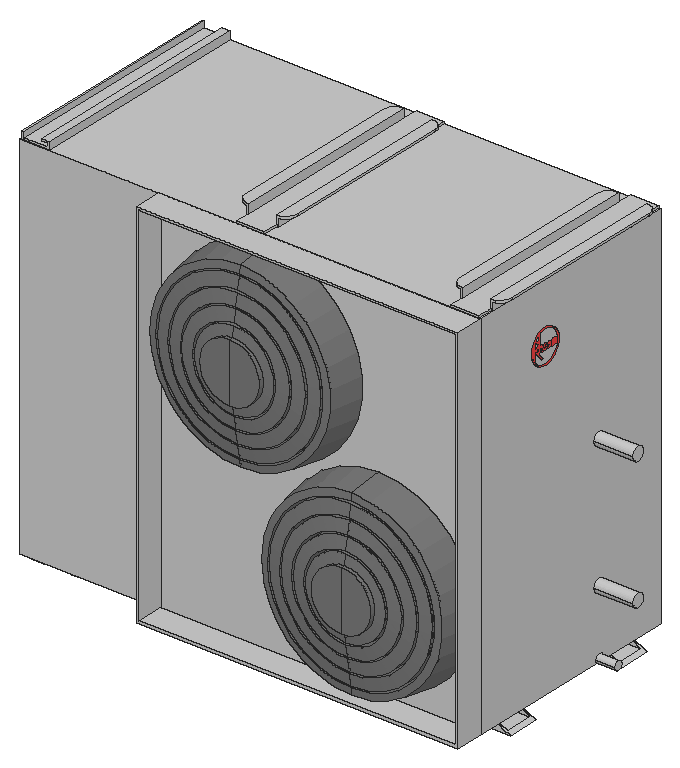
Revit family "Heat Pump-Rheem-A2W-16kW-Horizontal A", category Mechanical Equipment, Revit 2016
Family settings
  Part Type = Normal
  Round Connector Dimension = Use Radius
  OmniClass Number = 23.75.10.21
  OmniClass Title = Heat Pumps
  Work Plane-Based = No
  Always vertical = Yes
  Cut with Voids When Loaded = No
  Shared = No
  Room Calculation Point = No
Parameters (values of type "952016HS")
  calcTopSupport = if(Show Top Supports, 26 mm, 0 mm)  # 26 mm
  calcRightFanOffset = if(Show Fan Frame, 256 mm, 255 mm)  # 256 mm
  calcLeftFanOffset = if(Show Fan Frame, 280 mm, 281 mm)  # 280 mm
  calcFanGuardDepth = if(Show Fan Frame, 116 mm, 23 mm)  # 116 mm
  Width_ANZRS = if(Show Fan Frame, 681 mm, 588 mm)  # 681 mm
  Wattage_ANZRS = 16 kW  # constant formula
  Voltage_ANZRS = 230 V
  URL = "https://www.rheem.com.au/products/commercial/commercial-heat-pumps"
  Type Comments = ""
  SupportInsetSide = 68 mm  # constant formula
  Show Top Supports = yes
  Show Fan Frame = yes
  ProductCode_ANZRS = "952016HS"
  PowerFactor_ANZRS = 1
  PipeInsetSide = 195 mm  # constant formula
  OutletPipeDiameter = 32 mm  # constant formula
  calcOutletPipeRad = if(1 = 1, OutletPipeDiameter / 2, 0 mm)  # 16 mm
  Model = "Rheem Commercial Air to Water Heat Pump – 16kW Ducted & Stacked"
  Material_ANZRS = Rheem-Steel-Grey
  Manufacturer = "Rheem"  # constant formula
  Length_ANZRS = 1155 mm  # constant formula
  InletPipeDiameter = 32 mm  # constant formula
  calcInletPipeRadius = if(1 = 1, InletPipeDiameter / 2, 0 mm)  # 16 mm
  Height_ANZRS = if(Show Top Supports, 1010 mm, 984 mm)  # 1010 mm
  Description = "Rheem's Commercial Air to Water (A2W) Heat Pump is designed with the commercial user in mind. A truly commercial grade heat pump that delivers hot water at 65°C with a system Coefficient of Performance (COP) up to 4.0. Ducted models are designed to be connected to ducting to convey cold discharge air away from the heat pump air inlet if a sufficient supply of heat energy is not available in the installation area. Stackable models allow horizontal discharge units to be stacked two high for reduced footprint."
  CreatedBy_ANZRS = "Design Content"  # constant formula
  CreatedByURL_ANZRS = "https://www.designcontent.com.au/"
  BodyWidth = 565 mm  # constant formula
  Assembly Code = ""
  ApparentLoad_ANZRS = Wattage_ANZRS  # 16 kW
Types (4, lengths in mm): name | calcTopSupport | calcRightFanOffset | calcLeftFanOffset | calcFanGuardDepth | Width_ANZRS | Show Top Supports | Show Fan Frame | ProductCode_ANZRS | Model | Height_ANZRS | Description
  953016H0 | 0 | 255 | 281 | 23 | 588 | no | no | "953016H0" | "Rheem Commercial Air to Water Heat Pump – 16kW Horizontal Discharge & Non Ducted" | 984 | "Rheem's Commercial Air to Water (A2W) Heat Pump is designed with the commercial user in mind. A truly commercial grade heat pump that delivers hot water at 65°C with a system Coefficient of Performance (COP) up to 4.0. Non ducted models are generally designed for outdoor installations. Non ducted models may be installed indoors, without ducting, if a sufficient supply of heat energy is available."
  953016HS | 26 | 255 | 281 | 23 | 588 | yes | no | "953016HS" | "Rheem Commercial Air to Water Heat Pump – 16kW Non Ducted & Stacked" | 1010 | "Rheem's Commercial Air to Water (A2W) Heat Pump is designed with the commercial user in mind. A truly commercial grade heat pump that delivers hot water at 65°C with a system Coefficient of Performance (COP) up to 4.0. Non ducted models are generally designed for outdoor installations. Non ducted models may be installed indoors, without ducting, if a sufficient supply of heat energy is available. Stackable models allow horizontal discharge units to be stacked two high for reduced footprint."
  952016H0 | 0 | 256 | 280 | 116 | 681 | no | yes | "952016H0" | "Rheem Commercial Air to Water Heat Pump – 16kW Horizontal Discharge & Ducted" | 984 | "Rheem's Commercial Air to Water (A2W) Heat Pump is designed with the commercial user in mind. A truly commercial grade heat pump that delivers hot water at 65°C with a system Coefficient of Performance (COP) up to 4.0. Ducted models are designed to be connected to ducting to convey cold discharge air away from the heat pump air inlet if a sufficient supply of heat energy is not available in the installation area."
  952016HS | 26 | 256 | 280 | 116 | 681 | yes | yes | "952016HS" | "Rheem Commercial Air to Water Heat Pump – 16kW Ducted & Stacked" | 1010 | "Rheem's Commercial Air to Water (A2W) Heat Pump is designed with the commercial user in mind. A truly commercial grade heat pump that delivers hot water at 65°C with a system Coefficient of Performance (COP) up to 4.0. Ducted models are designed to be connected to ducting to convey cold discharge air away from the heat pump air inlet if a sufficient supply of heat energy is not available in the installation area. Stackable models allow horizontal discharge units to be stacked two high for reduced footprint."
Reference planes
  plane 1 "Center (Front/Back)": y = 0
  plane 2: z = 0
  plane 3 "Center (Left/Right)": x = 0
  plane 4 "Back": y = 282.5
  plane 5 "Front": y = -282.5
  plane 6 "Left": x = -577.5
  plane 7 "Right": x = 577.5
  plane 8: z = 49
  plane 9 "HEIGHT": z = 984
  plane 10 "Inlet": z = 223.5
  plane 11 "Outlet": z = 553.5
  plane 12: y = 280.5
  plane 13: x = 524.5
  plane 14: x = -472.5
  plane 15: y = -352.5
  plane 16: x = 677.5
  plane 17 "Pipe Connectors": y = 87.5
  plane 18: x = -228.5
  plane 19: y = -214.5
  plane 20: y = 214.5
  plane 21 "CompAccess1": y = 143.5
  plane 22 "CompAccess2": y = -228.5
  plane 23: x = 321.5
  plane 24: x = 41.5
  plane 25: z = 24.5
  plane 26: x = 627.5
  plane 27: z = 1010
  plane 28: x = 598.5
Forms (mm)
  Extrusion 1, solid, material "Rheem-Steel-Grey" <- "Material_ANZRS", detail levels medium+fine
    sketch origin (0, 0, 0) x (1, 0, 0) y (0, 1, 0)
      loop
        line (-577.5, 280.5) -> (-577.5, -282.5) -> (577.5, -282.5) -> (577.5, 280.5) -> (-577.5, 280.5)
    from 49 to 984
  Extrusion 2, solid, material "Rheem-Steel-Grey" <- "Material_ANZRS", detail levels medium+fine
    sketch origin (0, 0, 0) x (1, 0, 0) y (0, 0, 1)
      loop
        line (-577.5, 984) -> (-577.5, 49) -> (-14.281, 49) -> (577.5, 49) -> (577.5, 984) -> (-577.5, 984)
      loop
        line (-472.5, 69) -> (6, 69) -> (6, 964) -> (-472.5, 964) -> (-472.5, 69)
      loop
        line (524.5, 964) -> (46, 964) -> (46, 69) -> (524.5, 69) -> (524.5, 964)
    from -282.5 to -280.5
  Extrusion 3, solid, material "Rheem-Steel-Grey" <- "Material_ANZRS"
    sketch origin (0, 111.908, 381.979) x (0, -1, 0) y (0, 0, 1)
      loop
        circle (24.408, -158.479) r 16
      loop
        circle (24.408, 171.521) r 16
    from -577.5 to -677.5
  Extrusion 4, solid, material "Rheem-Steel-Grey" <- "Material_ANZRS", visible <- "Show Fan Frame"
    sketch origin (0, -282.5, 0) x (-1, 0, 0) y (0, 0, -1)
      loop
        line (228.5, -984) -> (228.5, -49) -> (-577.5, -49) -> (-577.5, -984) -> (228.5, -984)
      loop
        line (223.5, -979) -> (223.5, -54) -> (-572.5, -54) -> (-572.5, -979) -> (223.5, -979)
    from 0 to 70
  Extrusion 5, solid, material "Rheem-Steel-Grey" <- "Material_ANZRS", detail levels medium+fine
    sketch origin (0, 0, 0) x (1, 0, 0) y (0, 0, 1)
      loop
        line (-577.5, 5) -> (-602.5, 5) -> (-602.5, 0) -> (-572.5, 0) -> (-572.5, 19.5) -> (-502.5, 19.5) -> (-502.5, 0) -> (-472.5, 0) -> (-472.5, 5) -> (-497.5, 5) -> (-497.5, 24.5) -> (-577.5, 24.5) -> (-577.5, 5)
    from -214.5 to 214.5
  Extrusion 6, solid, material "Rheem-Steel-Grey-Perforated", detail levels medium+fine
    sketch origin (-575, 357.5, 0) x (1, 0, 0) y (0, 0, -1)
      loop
        line (1099.5, -964) -> (1099.5, -69) -> (621, -69) -> (621, -964) -> (1099.5, -964)
      loop
        line (102.5, -69) -> (102.5, -964) -> (581, -964) -> (581, -69) -> (102.5, -69)
    from -77 to -75
  Extrusion 7, solid, material "Rheem-Steel-Grey" <- "Material_ANZRS"
    sketch origin (577.5, 0, 0) x (0, -1, 0) y (0, 0, -1)
      loop
        circle (-87.5, -59) r 10
    from 0 to 50
  Extrusion 8, solid, detail levels medium+fine
    sketch origin (-577.5, 0, 0) x (0, -1, 0) y (0, 0, 1)
      loop
        circle (255.5, 703.5) r 15
      loop
        circle (255.5, 653.5) r 15
      loop
        circle (255.5, 603.5) r 15
      loop
        circle (255.5, 553.5) r 15
    from 0 to 5
  Extrusion 9, solid, material "Rheem-Steel-Grey" <- "Material_ANZRS", visible <- "Show Top Supports", detail levels medium+fine
    sketch origin (575, 0, 960) x (0, 0, -1) y (1, 0, 0)
      loop
        line (-44.975, 2.5) -> (-44.975, 27.5) -> (-49.975, 27.5) -> (-49.975, -2.5) -> (-29, -2.5) -> (-29, -72.5) -> (-49.975, -72.5) -> (-49.975, -102.5) -> (-44.975, -102.5) -> (-44.975, -77.5) -> (-24, -77.5) -> (-24, 2.5) -> (-44.975, 2.5)
      loop
        line (-50, -540) -> (-29, -540) -> (-29, -610) -> (-50, -610) -> (-50, -640) -> (-45, -640) -> (-45, -615) -> (-24, -615) -> (-24, -535) -> (-45, -535) -> (-45, -510) -> (-50, -510) -> (-50, -540)
      loop
        line (-24, -1077.5) -> (-43, -1077.5) -> (-43, -1097.5) -> (-38, -1097.5) -> (-38, -1082.5) -> (-29, -1082.5) -> (-29, -1142.5) -> (-43, -1142.5) -> (-43, -1147.5) -> (-24, -1147.5) -> (-24, -1077.5)
    from -282.5 to 282.5
  Extrusion 10, void
    sketch origin (0, 0, 984) x (-1, 0, 0) y (0, -1, 0)
      loop
        line (65, -282.5) -> (65, -214.5)
        arc (65, -214.5) -> (56.213, -235.713) -> (35, -244.5) r 30
        line (35, -244.5) -> (35, -282.5) -> (65, -282.5)
      loop
        line (-65, -282.5) -> (-35, -282.5) -> (-35, -244.5)
        arc (-35, -244.5) -> (-56.213, -235.713) -> (-65, -214.5) r 30
        line (-65, -214.5) -> (-65, -282.5)
      loop
        line (-472.5, -282.5) -> (-472.5, -214.5)
        arc (-472.5, -214.5) -> (-481.287, -235.713) -> (-502.5, -244.5) r 30
        line (-502.5, -244.5) -> (-502.5, -282.5) -> (-472.5, -282.5)
      loop
        line (-602.5, -282.5) -> (-572.5, -282.5) -> (-572.5, -244.5)
        arc (-572.5, -244.5) -> (-593.713, -235.713) -> (-602.5, -214.5) r 30
        line (-602.5, -214.5) -> (-602.5, -282.5)
      loop
        line (65, 282.5) -> (35, 282.5) -> (35, 244.5)
        arc (35, 244.5) -> (56.213, 235.713) -> (65, 214.5) r 30
        line (65, 214.5) -> (65, 282.5)
      loop
        line (-65, 282.5) -> (-65, 214.5)
        arc (-65, 214.5) -> (-56.213, 235.713) -> (-35, 244.5) r 30
        line (-35, 244.5) -> (-35, 282.5) -> (-65, 282.5)
      loop
        line (-472.5, 282.5) -> (-502.5, 282.5) -> (-502.5, 244.5)
        arc (-502.5, 244.5) -> (-481.287, 235.713) -> (-472.5, 214.5) r 30
        line (-472.5, 214.5) -> (-472.5, 282.5)
      loop
        line (-602.5, 282.5) -> (-602.5, 214.5)
        arc (-602.5, 214.5) -> (-593.713, 235.713) -> (-572.5, 244.5) r 30
        line (-572.5, 244.5) -> (-572.5, 282.5) -> (-602.5, 282.5)
    from 0 to 28.475
  Extrusion 11, solid, material "Rheem-Steel-Grey" <- "Material_ANZRS", detail levels coarse
    sketch origin (0, 0, 984) x (-1, 0, 0) y (0, -1, 0)
      loop
        line (577.5, -282.5) -> (577.5, 282.5) -> (-577.5, 282.5) -> (-577.5, -282.5) -> (577.5, -282.5)
    from -984 to 26
  Extrusion 12, solid, material "Rheem-Steel-Grey" <- "Material_ANZRS", detail levels medium+fine
    sketch origin (0, 0, 0) x (0, 1, 0) y (0, 0, 1)
      loop
        line (239.5, 49) -> (209.5, 49) -> (209.5, 29.5) -> (139.481, 29.5) -> (139.481, 49) -> (109.395, 49) -> (109.395, 44) -> (134.395, 44) -> (134.395, 24.5) -> (214.5, 24.5) -> (214.5, 44) -> (239.5, 44) -> (239.5, 49)
      loop
        line (-109.395, 49) -> (-139.395, 49) -> (-139.395, 29.5) -> (-209.414, 29.5) -> (-209.414, 49) -> (-239.5, 49) -> (-239.5, 44) -> (-214.5, 44) -> (-214.5, 24.5) -> (-134.395, 24.5) -> (-134.395, 44) -> (-109.395, 44) -> (-109.395, 49)
    from -577.5 to 598.5
  Extrusion 13, void
    sketch origin (0, 0, 0) x (1, 0, 0) y (0, 0, 1)
      loop
        line (-577.5, 24.5) -> (-524.96, 49) -> (-577.5, 49) -> (-577.5, 24.5)
      loop
        line (598.5, 24.5) -> (598.5, 49) -> (545.96, 49) -> (598.5, 24.5)
    from -239.5 to 239.5
Cuts and joins
  Extrusion 10, Extrusion 13 cuts Extrusion 1
  Extrusion 10, Extrusion 13 cuts Extrusion 2
  joined: Extrusion 1, Extrusion 2
  Extrusion 10 cuts Extrusion 9
  Extrusion 13 cuts Extrusion 12
Lines and regions (mm)
  Split face 1
    outline origin (-577.5, 280.5, 984) x (0, 1, 0) y (0, 0, -1)
      loop
        line (-137, 1) -> (-137, 934) -> (-509, 934) -> (-509, 1) -> (-137, 1)
  Split face 2
    outline origin (577.5, 280.5, 49) x (0, 1, 0) y (0, 0, 1)
      loop
        line (-497, 934) -> (-497, 1) -> (-225, 1) -> (-225, 934) -> (-497, 934)
  model lines, style "Heat Pumps", detail levels medium+fine
    curve 1: line (377.5, 182.5, 984) -> (-377.5, 182.5, 984)
    curve 2: line (477.5, -82.5, 984) -> (477.5, 82.5, 984)
    curve 3: line (-377.5, -182.5, 984) -> (377.5, -182.5, 984)
    curve 4: line (-477.5, 82.5, 984) -> (-477.5, -82.5, 984)
    curve 5: arc (-377.5, 182.5, 984) -> (-448.211, 153.211, 984) -> (-477.5, 82.5, 984) r 100
    curve 6: arc (-477.5, -82.5, 984) -> (-448.211, -153.211, 984) -> (-377.5, -182.5, 984) r 100
    curve 7: arc (477.5, -82.5, 984) -> (448.211, -153.211, 984) -> (377.5, -182.5, 984) r 100
    curve 8: arc (477.5, 82.5, 984) -> (448.211, 153.211, 984) -> (377.5, 182.5, 984) r 100
Dimensions and locks
  equal spacing: plane 6 "Left", plane 3 "Center (Left/Right)", plane 7 "Right"
  equal spacing: plane 4 "Back", plane 1 "Center (Front/Back)", plane 5 "Front"
  "BodyWidth": plane 4 "Back" to plane 5 "Front"
  "Length_ANZRS": plane 6 "Left" to plane 7 "Right"
  locked: plane 10 "Inlet" to plane 25 at 199
  locked: plane 11 "Outlet" to plane 10 "Inlet" at 330
  locked: plane 4 "Back" to plane 12 at 2
  locked: plane 8 to Extrusion 2 sketch curve at 20
  locked: Extrusion 2 sketch curve to plane 9 "HEIGHT" at 20
  locked: plane 16 to plane 7 "Right" at 100
  locked: plane 18 to plane 7 "Right" at 806
  locked: plane 15 to plane 5 "Front" at 70
  locked: plane 9 "HEIGHT" to Extrusion 4 sketch curve at 5
  locked: plane 7 "Right" to Extrusion 4 sketch curve at 5
  locked: Extrusion 4 sketch curve to plane 18 at 5
  locked: Extrusion 4 sketch curve to plane 8 at 5
  "PipeInsetSide": plane 17 "Pipe Connectors" to plane 4 "Back"
  Extrusion 5 sketch curve to plane 6 "Left" to Extrusion 5 sketch curve to Extrusion 5 sketch curve to Extrusion 5 sketch curve to Extrusion 5 sketch curve = 25 mm locked, 5 mm locked, 70 mm locked, 5 mm locked, 25 mm locked
  Extrusion 5 sketch curve to Extrusion 5 sketch curve to plane 2 = 0 mm locked, 5 mm locked
  "SupportInsetSide": plane 5 "Front" to plane 19
  "SupportInsetSide": plane 20 to plane 4 "Back"
  locked: plane 9 "HEIGHT" to Split face 1 sketch curve at 1
  locked: Split face 1 sketch curve to plane 8 at 1
  equal spacing: plane 21 "CompAccess1", nested 1, plane 22 "CompAccess2"
  plane 21 "CompAccess1" to plane 22 "CompAccess2" to plane 5 "Front" = 372 mm locked, 54 mm locked
  locked: plane 13 to plane 7 "Right" at 53
  locked: plane 6 "Left" to plane 14 at 105
  locked: plane 9 "HEIGHT" to plane 8 at 935
  nested 2 to nested 3 to plane 8 = 414 mm locked, 262 mm locked
  "calcLeftFanOffset": plane 24 to plane 23
  "calcRightFanOffset": plane 7 "Right" to plane 23
  equal spacing: plane 8, plane 25, plane 2
  locked: plane 25 to Extrusion 5 sketch curve at 5
  locked: plane 5 "Front" to Split face 2 sketch curve at 66
  locked: Split face 2 sketch curve to plane 4 "Back" at 227
  locked: plane 9 "HEIGHT" to Split face 2 sketch curve at 1
  locked: Split face 2 sketch curve to plane 8 at 1
  locked: Extrusion 7 sketch curve to plane 8 at 10
  equal spacing: plane 16, plane 26, plane 7 "Right"
  equal spacing: plane 22 "CompAccess2", Extrusion 8 sketch curve, plane 5 "Front"
  locked: plane 9 "HEIGHT" to nested 1 at 150
  locked: plane 8 to Extrusion 12 sketch curve at 5  (x2)
  locked: Extrusion 12 sketch curve to plane 25 at 5  (x2)
  Extrusion 12 sketch curve to plane 20 to Extrusion 12 sketch curve to Extrusion 12 sketch curve to Extrusion 12 sketch curve to Extrusion 12 sketch curve = 25 mm locked, 5 mm locked, 70.019 mm locked, 5.086 mm locked, 25 mm locked
  Extrusion 12 sketch curve to Extrusion 12 sketch curve to Extrusion 12 sketch curve to Extrusion 12 sketch curve to Extrusion 12 sketch curve to Extrusion 12 sketch curve = 25 mm locked, 5 mm locked, 70.019 mm locked, 5.086 mm locked, 25 mm locked
  locked: plane 6 "Left" to plane 28 at 1176
  "calcTopSupport": plane 27 to plane 9 "HEIGHT"
  Extrusion 9 sketch curve to Extrusion 9 sketch curve to plane 9 "HEIGHT" = 14 mm locked, 5 mm locked
  locked: Extrusion 9 sketch curve to plane 9 "HEIGHT" at 26
  locked: Extrusion 9 sketch curve to Extrusion 9 sketch curve at 5
  locked: Extrusion 9 sketch curve to plane 9 "HEIGHT" at 25.975
  locked: Extrusion 9 sketch curve to plane 9 "HEIGHT" at 20.975
  plane 9 "HEIGHT" to nested 4 = 150 mm
  equal spacing: Split face 2, nested 4, Split face 2, locked at 136 each
  "calcOutletPipeRad": radius of Extrusion 3 sketch curve
  "calcInletPipeRadius": radius of Extrusion 3 sketch curve
  aligned and locked: level to plane 2
  aligned and locked: Extrusion 1 sketch curve to plane 6 "Left"
  aligned and locked: Extrusion 1 sketch curve to plane 7 "Right"
  aligned and locked: plane 9 "HEIGHT" to Extrusion 1
  aligned and locked: Extrusion 1 to plane 8
  aligned and locked: plane 5 "Front" to Extrusion 1
  aligned and locked: Extrusion 1 sketch curve to plane 12
  aligned and locked: cut or joined group of Extrusion 1, Extrusion 2, Extrusion 10, Extrusion 13 to plane 12
  aligned and locked: plane 4 "Back" to cut or joined group of Extrusion 1, Extrusion 2, Extrusion 10, Extrusion 13
  aligned and locked: Extrusion 2 sketch curve to plane 13
  aligned and locked: plane 14 to Extrusion 2 sketch curve
  aligned and locked: plane 18 to Extrusion 4 sketch curve
  aligned and locked: Extrusion 4 sketch curve to plane 9 "HEIGHT"
  aligned and locked: Extrusion 4 sketch curve to plane 7 "Right"
  aligned and locked: plane 8 to Extrusion 4 sketch curve
  aligned and locked: Extrusion 3 to plane 7 "Right"
  aligned and locked: Extrusion 4 to plane 15
  aligned and locked: Extrusion 4 to plane 5 "Front"
  aligned and locked: Extrusion 5 sketch curve to plane 6 "Left"
  aligned and locked: plane 2 to Extrusion 5 sketch curve  (x2)
  aligned and locked: Extrusion 5 to plane 19
  aligned and locked: plane 20 to Extrusion 5
  aligned and locked: Split face 1 sketch curve to plane 22 "CompAccess2"
  aligned and locked: Split face 1 sketch curve to plane 21 "CompAccess1"
  aligned and locked: plane 11 "Outlet" to Extrusion 3 sketch curve
  aligned and locked: plane 17 "Pipe Connectors" to Extrusion 3 sketch curve  (x2)
  aligned and locked: plane 10 "Inlet" to Extrusion 3 sketch curve
  aligned and locked: Extrusion 6 to plane 13
  aligned and locked: plane 14 to Extrusion 6
  aligned and locked: Extrusion 6 to plane 12
  aligned and locked: plane 4 "Back" to Extrusion 6
  aligned and locked: cut or joined group of Extrusion 1, Extrusion 2, Extrusion 10, Extrusion 13 to Extrusion 6
  aligned and locked: Extrusion 6 to cut or joined group of Extrusion 1, Extrusion 2, Extrusion 10, Extrusion 13
  aligned and locked: plane 24 to nested 2
  aligned and locked: nested 3 to plane 23
  aligned and locked: Extrusion 2 sketch curve to Extrusion 6  (x2)
  aligned and locked: Extrusion 5 sketch curve to plane 25
  aligned and locked: plane 17 "Pipe Connectors" to Extrusion 7 sketch curve
  aligned and locked: Extrusion 7 to cut or joined group of Extrusion 1, Extrusion 2, Extrusion 10, Extrusion 13
  aligned and locked: plane 26 to Extrusion 7
  aligned and locked: Extrusion 8 to cut or joined group of Extrusion 1, Extrusion 2, Extrusion 10, Extrusion 13
  aligned and locked: plane 5 "Front" to Extrusion 9
  aligned and locked: plane 4 "Back" to Extrusion 9
  aligned and locked: Extrusion 10 sketch curve to Extrusion 9
  aligned and locked: Extrusion 10 sketch curve to plane 4 "Back"
  aligned and locked: Extrusion 10 to plane 9 "HEIGHT"
  aligned and locked: Extrusion 11 sketch curve to plane 4 "Back"
  aligned and locked: Extrusion 11 sketch curve to plane 5 "Front"
  aligned and locked: Extrusion 11 sketch curve to plane 7 "Right"
  aligned and locked: Extrusion 11 sketch curve to plane 6 "Left"
  aligned and locked: Extrusion 11 to plane 2
  aligned and locked: plane 27 to Extrusion 11
  aligned and locked: Extrusion 12 sketch curve to plane 25  (x2)
  aligned and locked: plane 6 "Left" to Extrusion 12
  aligned and locked: plane 28 to Extrusion 12
  aligned and locked: plane 6 "Left" to Extrusion 13 sketch curve
  aligned and locked: plane 8 to Extrusion 13 sketch curve
  aligned and locked: Extrusion 13 to cut or joined group of Extrusion 12, Extrusion 13  (x2)
  aligned and locked: Extrusion 9 sketch curve to Extrusion 9 sketch curve  (x5)
Automatic sketch dimensions
  plane 5 "Front" to Extrusion 1 sketch curve = 0 mm
  plane 6 "Left" to Extrusion 2 sketch curve = 0 mm
  Extrusion 2 sketch curve to plane 8 = 0 mm
  Extrusion 2 sketch curve to plane 7 "Right" = 0 mm
  Extrusion 2 sketch curve to plane 9 "HEIGHT" = 0 mm
  Extrusion 2 sketch curve to plane 3 "Center (Left/Right)" = 14.281 mm
  plane 8 to Extrusion 2 sketch curve = 20 mm
  Extrusion 2 sketch curve to plane 9 "HEIGHT" = 20 mm
  curve 4 to Extrusion 2 = 100 mm
  curve 6 to curve 3 = 100 mm
  curve 5 to curve 1 = 100 mm
  curve 3 to Extrusion 2 = 200 mm
  curve 1 to Extrusion 2 = 98 mm
  curve 1 to Extrusion 2 = 200 mm
  curve 2 to Extrusion 2 = 100 mm
  curve 7 to curve 8 = 165 mm
  plane 14 to Extrusion 6 sketch curve = 0 mm
  plane 13 to Extrusion 6 sketch curve = 0 mm
  plane 3 "Center (Left/Right)" to Extrusion 6 sketch curve = 6 mm
  Extrusion 6 sketch curve to plane 24 = 4.5 mm
  Extrusion 6 sketch curve to plane 9 "HEIGHT" = 20 mm  (x2)
  plane 8 to Extrusion 6 sketch curve = 20 mm  (x2)
  Extrusion 8 sketch curve to plane 11 "Outlet" = 0 mm
  Extrusion 8 sketch curve to plane 5 "Front" = 27 mm  (x3)
  plane 11 "Outlet" to Extrusion 8 sketch curve = 50 mm
  Extrusion 8 sketch curve to Extrusion 8 sketch curve = 50 mm  (x2)
  Extrusion 9 sketch curve to plane 7 "Right" = 0 mm
  Extrusion 9 sketch curve to plane 9 "HEIGHT" = 0 mm  (x3)
  Extrusion 9 sketch curve to Extrusion 9 sketch curve = 5 mm  (x4)
  plane 9 "HEIGHT" to Extrusion 9 sketch curve = 5 mm  (x2)
  Extrusion 9 sketch curve to plane 7 "Right" = 5 mm
  plane 13 to Extrusion 9 sketch curve = 22 mm
  Extrusion 9 sketch curve to Extrusion 9 sketch curve = 25 mm  (x2)
  Extrusion 9 sketch curve to plane 24 = 23.5 mm
  plane 24 to Extrusion 9 sketch curve = 1.5 mm
  plane 24 to Extrusion 9 sketch curve = 6.5 mm
  Extrusion 9 sketch curve to plane 3 "Center (Left/Right)" = 35 mm
  plane 14 to Extrusion 9 sketch curve = 30 mm
  Extrusion 9 sketch curve to Extrusion 9 sketch curve = 15 mm
  Extrusion 9 sketch curve to plane 6 "Left" = 10 mm
  Extrusion 9 sketch curve to plane 6 "Left" = 5 mm
  plane 28 to Extrusion 9 sketch curve = 4 mm
  Extrusion 10 sketch curve to plane 19 = 0 mm  (x8)
  Extrusion 10 sketch curve to plane 20 = 0 mm  (x8)
  Extrusion 10 sketch curve to plane 4 "Back" = 0 mm  (x3)
  plane 5 "Front" to Extrusion 10 sketch curve = 0 mm  (x4)
  plane 24 to Extrusion 10 sketch curve = 6.5 mm  (x2)
  Extrusion 10 sketch curve to plane 24 = 23.5 mm  (x2)
  plane 13 to Extrusion 10 sketch curve = 52 mm  (x2)
  plane 13 to Extrusion 10 sketch curve = 22 mm  (x2)
  Extrusion 10 sketch curve to plane 7 "Right" = 5 mm  (x2)
  plane 28 to Extrusion 10 sketch curve = 4 mm  (x2)
  plane 22 "CompAccess2" to Extrusion 10 sketch curve = 16 mm  (x4)
  Extrusion 10 sketch curve to plane 3 "Center (Left/Right)" = 35 mm
  Extrusion 10 sketch curve to Extrusion 10 sketch curve = 30 mm  (x6)
  Extrusion 12 sketch curve to plane 8 = 0 mm  (x4)
  Extrusion 12 sketch curve to plane 19 = 0 mm
  Extrusion 12 sketch curve to plane 20 = 0 mm
  Extrusion 12 sketch curve to plane 8 = 5 mm  (x2)
  Extrusion 13 sketch curve to plane 8 = 0 mm
  Extrusion 13 sketch curve to plane 25 = 0 mm  (x2)
  Extrusion 13 sketch curve to plane 28 = 0 mm
  plane 14 to Extrusion 13 sketch curve = 52.46 mm
  Extrusion 13 sketch curve to plane 13 = 21.46 mm
  radius of Extrusion 7 sketch curve = 10 mm
  radius of Extrusion 8 sketch curve = 15 mm  (x4)
Nested families
  nested 1: "X_Rheem Logo" at (-577.5, -42.5, 834) x (0, -1, 0) z (-1, 0, 0), type "Standard", detail levels fine
  nested 2: "X_Rheem_FanGuard" at (41.5, -282.5, 725) x (-1, 0, 0) z (0, -1, 0), type "Standard"
    with FanGuardDepth 116 mm
  nested 3: "X_Rheem_FanGuard" at (321.5, -282.5, 311) x (-1, 0, 0) z (0, -1, 0), type "Standard"
    with FanGuardDepth 116 mm
  nested 4: "X_Rheem Logo" at (577.5, -80.5, 834) x (0, 1, 0) z (1, 0, 0), type "Standard", detail levels fine
Connectors
  piping at (677.5, 87.5, 223.5), diameter 32, driven by "calcInletPipeRadius"
    settings: on Extrusion 3, index 9, connector inside diameter 20 mm, connector length 0 mm, flow factor 0, pipe flow 0.0 L/s, pressure drop 0.0 Pa, fitting loss kfactor 0, connector angle 0.00°, fixture units 0, engagement length 0 mm, angle of deflection 0.00°, flow configuration 1, flow direction 1, fitting loss method 0, system type 20, joint type 0, gender type 0, connector reference index -1, connector utility 0, adjustable connector no, is connector primary yes, connector description "Water In"
  piping at (677.5, 87.5, 553.5), diameter 32, driven by "calcOutletPipeRad"
    settings: on Extrusion 3, index 10, connector inside diameter 20 mm, connector length 0 mm, flow factor 0, pipe flow 0.0 L/s, pressure drop 0.0 Pa, fitting loss kfactor 0, connector angle 0.00°, fixture units 0, engagement length 0 mm, angle of deflection 0.00°, flow configuration 1, flow direction 2, fitting loss method 0, system type 19, joint type 0, gender type 0, connector reference index -1, connector utility 0, adjustable connector no, is connector primary no, connector description "Water Out"
  piping at (627.5, 87.5, 59), diameter 20
    settings: on Extrusion 7, index 11, connector inside diameter 609.6 mm, connector length 0 mm, flow factor 0, pipe flow 0.0 L/s, pressure drop 0.0 Pa, fitting loss kfactor 0, connector angle 0.00°, fixture units 0, engagement length 0 mm, angle of deflection 0.00°, flow configuration 1, flow direction 2, fitting loss method 0, system type 16, joint type 0, gender type 0, connector reference index -1, connector utility 0, adjustable connector no, is connector primary no, connector description ""
  electrical at (-577.5, -255.5, 703.5), driven by "Voltage_ANZRS", driven by "ApparentLoad_ANZRS", driven by "PowerFactor_ANZRS"
    settings: on Extrusion 8, index 12, voltage 230 V, apparent load 16 kW, apparent load phase1 0 kW, apparent load phase2 0 kW, apparent load phase3 0 kW, power factor 1, load classification "Power", number of poles 1, system type 30, power factor state 1, is connector primary yes, connector utility no, sub classification motor no, connector description ""
  electrical at (-577.5, -255.5, 653.5), driven by "Voltage_ANZRS", driven by "ApparentLoad_ANZRS", driven by "PowerFactor_ANZRS"
    settings: on Extrusion 8, index 13, voltage 230 V, apparent load 16 kW, apparent load phase1 0 kW, apparent load phase2 0 kW, apparent load phase3 0 kW, power factor 1, load classification "Power", number of poles 1, system type 30, power factor state 1, is connector primary no, connector utility no, sub classification motor no, connector description ""
  electrical at (-577.5, -255.5, 603.5), driven by "Voltage_ANZRS", driven by "ApparentLoad_ANZRS", driven by "PowerFactor_ANZRS"
    settings: on Extrusion 8, index 14, voltage 230 V, apparent load 16 kW, apparent load phase1 0 kW, apparent load phase2 0 kW, apparent load phase3 0 kW, power factor 1, load classification "Power", number of poles 1, system type 30, power factor state 1, is connector primary no, connector utility no, sub classification motor no, connector description ""
  electrical at (-577.5, -255.5, 553.5), driven by "Voltage_ANZRS", driven by "ApparentLoad_ANZRS", driven by "PowerFactor_ANZRS"
    settings: on Extrusion 8, index 15, voltage 230 V, apparent load 16 kW, apparent load phase1 0 kW, apparent load phase2 0 kW, apparent load phase3 0 kW, power factor 1, load classification "Power", number of poles 1, system type 30, power factor state 1, is connector primary no, connector utility no, sub classification motor no, connector description ""
Definition of nested family "X_Rheem Logo"
  Parameters (values of type "Standard")
    Default Elevation = 1219.2 mm
    Assembly Code = ""
  Reference planes
    plane 1 "Center (Front/Back)": y = 0
    plane 2: z = 0
    plane 3 "Center (Left/Right)": x = 0
  Forms (mm)
    Extrusion 1, solid
      sketch origin (0, 0, 0) x (1, 0, 0) y (0, 1, 0)
        loop
          line (-1219.2, 1219.2) -> (-1219.2, -1219.2) -> (1219.2, -1219.2) -> (1219.2, 1219.2) -> (-1219.2, 1219.2)
      from 0 to -304.8
    Extrusion 2, solid
      sketch origin (0, 0, 0) x (1, 0, 0) y (0, 1, 0)
        loop
          arc (-33.529, -21.813) -> (38.36, -11.338) -> (-16.283, 36.536) r 40
          line (-16.283, 36.536) -> (-16.283, 5.397)
          arc (-16.283, 5.397) -> (-14.75, 6.901) -> (-12.662, 7.405) r 4.033
          arc (-12.662, 7.405) -> (-9.852, 6.403) -> (-8.561, 3.712) r 3.918
          line (-8.561, 3.712) -> (-8.561, -8.033) -> (-11.525, -8.033) -> (-11.525, 1.806)
          arc (-11.525, 1.806) -> (-12.858, 4.057) -> (-15.428, 3.572) r 2.279
          arc (-15.428, 3.572) -> (-15.988, 2.759) -> (-16.246, 1.806) r 2.925
          line (-16.246, 1.806) -> (-16.246, -8.079) -> (-19.645, -8.079) -> (-19.645, 34.843)
          arc (-19.645, 34.843) -> (-26.644, 29.834) -> (-32.41, 23.444) r 40
          arc (-32.41, 23.444) -> (-21.103, 13.87) -> (-28.782, 1.2) r 11.411
          line (-28.782, 1.2) -> (-7.321, -24.919) -> (-11.462, -24.919) -> (-31.83, -0.131) -> (-31.83, -21.813) -> (-33.529, -21.813)
        loop
          line (-35.017, -19.335) -> (-35.017, 19.335)
          arc (-35.017, 19.335) -> (-40, 0) -> (-35.017, -19.335) r 40
        loop
          line (19.37, -8.097) -> (22.563, -8.097) -> (22.563, 2.258)
          spline (22.563, 2.258) -> (22.878, 3.103) -> (23.24, 3.526) -> (23.639, 3.818) -> (24.082, 3.997) -> (24.556, 4.074) -> (25.034, 4.068) -> (25.491, 3.983) -> (25.903, 3.817) -> (26.238, 3.56) -> (26.492, 3.191) -> (26.717, 2.639) -> (26.9, 1.6)
          line (26.9, 1.6) -> (26.9, -8.097) -> (29.854, -8.097) -> (29.854, 2.258)
          spline (29.854, 2.258) -> (30.181, 3.064) -> (30.553, 3.474) -> (30.969, 3.74) -> (31.419, 3.936) -> (31.889, 4.059) -> (32.364, 4.078) -> (32.821, 3.995) -> (33.233, 3.826) -> (33.568, 3.567) -> (33.822, 3.195) -> (34.048, 2.639) -> (34.231, 1.594)
          line (34.231, 1.594) -> (34.231, -8.097) -> (37.174, -8.097) -> (37.174, 3.718)
          spline (37.174, 3.718) -> (36.65, 5.383) -> (35.957, 6.159) -> (35.415, 6.563) -> (34.941, 6.826) -> (34.394, 7.032) -> (33.695, 7.17) -> (32.91, 7.2) -> (32.152, 7.119) -> (31.53, 6.952) -> (31.006, 6.67) -> (30.429, 6.179) -> (29.566, 5.166)
          spline (29.566, 5.166) -> (28.777, 6.078) -> (28.276, 6.494) -> (27.782, 6.788) -> (27.231, 7.014) -> (26.621, 7.177) -> (26.085, 7.261) -> (25.622, 7.26) -> (25.015, 7.185) -> (24.376, 7.012) -> (23.849, 6.722) -> (23.308, 6.304) -> (22.552, 5.275)
          line (22.552, 5.275) -> (22.552, 6.926) -> (19.37, 6.926) -> (19.37, -8.097)
        loop
          line (-4.051, 1.414) -> (2.029, 1.414)
          spline (2.029, 1.414) -> (1.473, 2.786) -> (1.087, 3.377) -> (0.673, 3.834) -> (0.205, 4.224) -> (-0.271, 4.485) -> (-0.868, 4.588) -> (-1.527, 4.548) -> (-2.06, 4.356) -> (-2.438, 4.033) -> (-2.865, 3.608) -> (-3.384, 2.906) -> (-4.051, 1.414)
        loop
          line (-4.095, -1.507) -> (5.029, -1.507)
          spline (5.029, -1.507) -> (4.769, 1.886) -> (4.1, 3.692) -> (3.083, 5.302) -> (1.664, 6.502) -> (-0.127, 7.316) -> (-1.72, 7.317) -> (-3.497, 6.614) -> (-4.898, 5.44) -> (-6.016, 3.817) -> (-6.693, 1.944) -> (-6.954, 0.058) -> (-6.657, -3.194)
          spline (-6.657, -3.194) -> (-5.711, -5.424) -> (-4.777, -6.63) -> (-3.808, -7.465) -> (-2.878, -7.994) -> (-1.873, -8.306) -> (-0.773, -8.411) -> (0.288, -8.278) -> (1.264, -7.907) -> (2.23, -7.346) -> (3.148, -6.594) -> (4.02, -5.578) -> (4.876, -3.596)
          line (4.876, -3.596) -> (1.705, -3.596)
          spline (1.705, -3.596) -> (0.883, -4.78) -> (0.307, -5.189) -> (-0.248, -5.429) -> (-0.802, -5.54) -> (-1.305, -5.525) -> (-1.909, -5.294) -> (-2.514, -4.923) -> (-2.921, -4.547) -> (-3.253, -4.098) -> (-3.591, -3.486) -> (-3.885, -2.641) -> (-4.095, -1.507)
        loop
          line (8.984, 1.152) -> (15.064, 1.152)
          spline (15.064, 1.152) -> (14.509, 2.524) -> (14.123, 3.116) -> (13.708, 3.573) -> (13.241, 3.962) -> (12.764, 4.224) -> (12.168, 4.327) -> (11.508, 4.287) -> (10.975, 4.095) -> (10.598, 3.771) -> (10.171, 3.347) -> (9.652, 2.645) -> (8.984, 1.152)
        loop
          line (8.973, -1.54) -> (18.097, -1.54)
          spline (18.097, -1.54) -> (17.837, 1.853) -> (17.168, 3.659) -> (16.151, 5.269) -> (14.732, 6.469) -> (12.941, 7.283) -> (11.348, 7.285) -> (9.571, 6.581) -> (8.17, 5.407) -> (7.052, 3.785) -> (6.375, 1.911) -> (6.114, 0.026) -> (6.412, -3.226)
          spline (6.412, -3.226) -> (7.357, -5.456) -> (8.291, -6.663) -> (9.26, -7.498) -> (10.191, -8.027) -> (11.195, -8.339) -> (12.295, -8.444) -> (13.356, -8.311) -> (14.332, -7.939) -> (15.298, -7.379) -> (16.217, -6.626) -> (17.088, -5.61) -> (17.944, -3.629)
          line (17.944, -3.629) -> (14.773, -3.629)
          spline (14.773, -3.629) -> (13.951, -4.813) -> (13.375, -5.222) -> (12.82, -5.462) -> (12.266, -5.573) -> (11.763, -5.557) -> (11.159, -5.326) -> (10.555, -4.955) -> (10.147, -4.58) -> (9.816, -4.131) -> (9.477, -3.519) -> (9.183, -2.673) -> (8.973, -1.54)
        loop
          circle (0, 0) r 43
        loop
          arc (-31.817, 3.841) -> (-24.154, 12.033) -> (-31.817, 20.226) r 8.211
          line (-31.817, 20.226) -> (-31.817, 3.841)
      from 0 to 1
  Dimensions and locks
    aligned and locked: plane 2 to Extrusion 1
    aligned and locked: level to Extrusion 1
Definition of nested family "X_Rheem_FanGuard"
  Parameters (values of type "Standard")
    Material = none
    FanGuardRad = 240 mm
    FanGuardHead = 10 mm
    FanGuardDepth = 133 mm
    Default Elevation = 1219.2 mm
  Reference planes
    plane 1 "Center (Front/Back)": y = 0
    plane 2: z = 0
    plane 3 "Center (Left/Right)": x = 0
    plane 4: z = 133
    plane 5: z = 123
    plane 6: y = 240
    plane 7: z = 66.5
    plane 8: z = 94.75
  Forms (mm)
    Extrusion 1, solid
      sketch origin (0, 0, 0) x (1, 0, 0) y (0, 1, 0)
        loop
          line (-1219.2, 1219.2) -> (-1219.2, -1219.2) -> (1219.2, -1219.2) -> (1219.2, 1219.2) -> (-1219.2, 1219.2)
      from 0 to -304.8
    Revolve 2, solid, material <- "Material", detail levels fine
      sketch origin (0, 0, 0) x (0, 1, 0) y (0, 0, 1)
        loop
          line (0, 133) -> (0, 0) -> (240, 0) -> (227.216, 94.75) -> (75, 123) -> (75, 133) -> (0, 133)
        axis (0, 133) -> (0, 0)
      angle from 0 to 360
    Extrusion 3, void
      sketch origin (0, 0, 0) x (1, 0, 0) y (0, 1, 0)
        loop
          circle (0, 0) r 100
        loop
          circle (0, 0) r 105
        loop
          circle (0, 0) r 135
        loop
          circle (0, 0) r 140
        loop
          circle (0, 0) r 170
        loop
          circle (0, 0) r 175
        loop
          circle (0, 0) r 205
        loop
          circle (0, 0) r 210
        loop
          circle (0, 0) r 240
        loop
          circle (0, 0) r 245
        loop
          circle (0, 0) r 275
        loop
          circle (0, 0) r 280
      from 0 to 133
    Extrusion 4, solid, material <- "Material", detail levels coarse+medium
      sketch origin (0, 0, 0) x (1, 0, 0) y (0, 1, 0)
        loop
          circle (0, 0) r 240
      from 0 to 133
  Cuts and joins
    Extrusion 3 cuts Revolve 2
  Dimensions and locks
    "FanGuardRad": plane 6 to plane 1 "Center (Front/Back)"
    "FanGuardDepth": plane 4 to plane 2
    "FanGuardHead": plane 4 to plane 5
    equal spacing: plane 4, plane 7, plane 2
    equal spacing: plane 5, plane 8, plane 7
    locked: plane 6 to Revolve 2 sketch curve at 12.784
    "FanGuardRad": radius of Extrusion 4 sketch curve
    aligned and locked: plane 2 to Extrusion 1
    aligned and locked: level to Extrusion 1
    aligned and locked: Revolve 2 sketch curve to plane 1 "Center (Front/Back)"
    aligned and locked: plane 4 to Extrusion 3
    aligned and locked: Extrusion 3 to level
    aligned and locked: plane 3 "Center (Left/Right)" to Extrusion 4 sketch curve
    aligned and locked: plane 1 "Center (Front/Back)" to Extrusion 4 sketch curve
    aligned and locked: Extrusion 4 to plane 4
    aligned and locked: Extrusion 4 to level
    aligned and locked: plane 8 to Revolve 2 sketch curve
  Automatic sketch dimensions
    Extrusion 1 sketch curve to Extrusion 1 sketch curve = 2438.4 mm  (x2)
    plane 1 "Center (Front/Back)" to Extrusion 3 sketch curve = 0 mm
    Extrusion 3 sketch curve to plane 3 "Center (Left/Right)" = 0 mm
    Revolve 2 sketch curve to plane 1 "Center (Front/Back)" = 0 mm
    Revolve 2 sketch curve to plane 4 = 0 mm
    Revolve 2 sketch curve to plane 5 = 0 mm
    Revolve 2 sketch curve to level = 0 mm
    Revolve 2 sketch curve to plane 6 = 0 mm
    Revolve 2 sketch curve to Revolve 2 sketch curve = 75 mm
    Revolve 2 sketch curve to Revolve 2 sketch curve = 500 mm
    Revolve 2 sketch curve to Revolve 2 sketch curve = 100 mm
    radius of Extrusion 3 sketch curve = 100 mm
